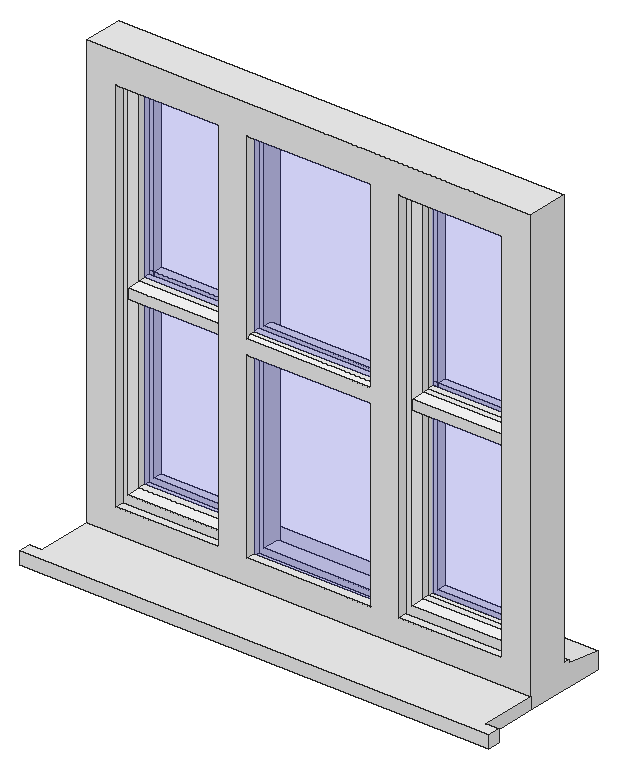
Revit family "49439e9139d64973a94eafacca369442", category Windows, host Wall, Revit 2025
Family settings
  Host = Wall
  Always vertical = Yes
  Cut with Voids When Loaded = No
  Shared = No
  Room Calculation Point = No
Parameters (values of type "910x910mm")
  Wrap Layers (Ext) from Ext = 102.5 mm
  Wrap Layers (Int) from Ext = 177.5 mm
  Window Board Projection = 25.0 mm
  Window Board Extension = 25.0 mm
  Visual Light Transmittance = 0.9
  Vis - Cavity Closers = yes
  Solar Heat Gain Coefficient = 0.78
  Rough Width = Width  # 910.0 mm
  Rough Height = Height  # 910.0 mm
  Operation = "TriplePanelVertical"
  Define Thermal Properties by = Schematic Type
  Construction Type Id = "GSP4R"
  Material Trim = Window Frame
  Material Glass = Glass
  Material Frame = Window Frame
  Manufacturer = "Revit"
  Keynote = "L10"
  Height = 910.0 mm
  Wall Closure = By host
  Width = 910.0 mm
  Heat Transfer Coefficient (U) = 3.6886 W/(m²·K)
  Glazing Thickness = 24.0 mm
  FrameOffset - External = 102.5 mm
  Frame Depth = 65.0 mm
  Ext Leaf Thickness (Scot) = Cavity Closer Offset from Ext  # 102.5 mm
  Ext Leaf Overlap (Scot) = 25.0 mm
  Default Head Height = 2110.0 mm
  Cill Depth = 87.5 mm
  Cavity Closer Width = 50.0 mm
  Cavity Closer Offset from Ext = 102.5 mm
  Cavity Closer Depth = 85.0 mm
  Analytic Construction = "1/8 in Pilkington single glazing"
Types (7, lengths in mm): name | Rough Width | Rough Height | Height | Width
  (no name) | 910.0 | 910.0 | 910.0 | 910.0
  910x910mm | 910.0 | 910.0 | 910.0 | 910.0
  910x1210mm | 910.0 | 1210.0 | 1210.0 | 910.0
  1360x910mm | 1360.0 | 910.0 | 910.0 | 1360.0
  1360x1210mm | 1360.0 | 1210.0 | 1210.0 | 1360.0
  1810x910mm | 1810.0 | 910.0 | 910.0 | 1810.0
  1810x1210mm | 1810.0 | 1210.0 | 1210.0 | 1810.0
Reference planes
  plane 1: y = 0
  plane 2 "Mullion RHS": x = 93.333
  plane 3 "Left": x = -513.333
  plane 4 "Right": x = 396.667
  plane 5 "Cill": z = 1200
  plane 6 "Head": z = 2110
  plane 7 "Exterior": y = 158.457
  plane 8 "Interior": y = -141.543
  plane 9 "Back of Window": y = -9.043
  plane 10 "Wall Closure": y = 55.957
  plane 11 "Front Cill": y = 143.457
  plane 12 "Front Window Board": y = -166.543
  plane 13 "RHS Window Board": x = 421.667
  plane 14 "LHS Window Board": x = -538.333
  plane 15 "LHS Scot Closing": x = -488.333
  plane 16 "RHS Scot Closing": x = 371.667
  plane 17 "Ext Leaf Back": y = 55.957
  plane 18 "Top Scot Closing": z = 2085
  plane 19 "Face Window": y = 55.957
  plane 20: x = 93.333
  plane 21 "LHS Mullion": x = -210
  plane 22 "Center (Left/Right)": x = -58.333
  plane 23: x = -210
  plane 24: z = 1662.5
  plane 25: y = -19.043
  plane 26 "External Void Opening": y = 243.457
  plane 27: z = 1275
  plane 28: z = 2050
  plane 29: y = 43.957
  plane 30: y = 19.957
  plane 31: y = 67.504
  plane 32: x = -443.333
  plane 33: x = -254.852
  plane 34: x = 326.815
  plane 35: x = 138.333
Forms (mm)
  Extrusion 1, solid, material "Window Frame" <- "Material Trim", detail levels medium+fine
    sketch origin (0, 0, 1200) x (0, -1, 0) y (-1, 0, 0)
      loop
        line (141.543, 538.333) -> (141.543, 513.333) -> (27.043, 513.333) -> (27.043, -396.667) -> (141.543, -396.667) -> (141.543, -421.667) -> (166.543, -421.667) -> (166.543, 538.333) -> (141.543, 538.333)
    from 0 to -25
  Extrusion 2, void
    sketch origin (0, 55.957, 0) x (-1, 0, 0) y (0, 0, 1)
      loop
        line (-371.667, 2085) -> (-371.667, 1200) -> (488.333, 1200) -> (488.333, 2085) -> (-371.667, 2085)
    from 0 to 187.5
  Extrusion 3, void
    sketch origin (0, 55.957, 0) x (-1, 0, 0) y (0, 0, 1)
      loop
        line (513.333, 2110) -> (-396.667, 2110) -> (-396.667, 1200) -> (513.333, 1200) -> (513.333, 2110)
    from 0 to -197.5
  Extrusion 4, solid, material "Window Frame" <- "Material Frame"
    sketch origin (93.333, 0, 0) x (0, 1, 0) y (0, 0, 1)
      loop
        line (-27.043, 1200) -> (143.457, 1200) -> (143.457, 1233.809) -> (70.957, 1244.745) -> (70.957, 1249.688) -> (55.957, 1251) -> (55.957, 1263) -> (-9.043, 1263) -> (-9.043, 1275) -> (-27.043, 1275) -> (-27.043, 1200)
    from 303.333 to -606.667
  Sweep 5, solid, material "Window Frame" <- "Material Frame"
    path origin (0, -9.043, 0) x (1, 0, 0) y (0, 0, 1)
      loop
        line (-513.333, 1263) -> (-513.333, 2110) -> (396.667, 2110) -> (396.667, 1263)
    profile origin (0, 0, 1686.5) x (-1, 0, 0) y (0, -1, 0)
      loop
        line (513.333, 27.043) -> (453.333, 27.043) -> (453.333, 9.043) -> (473.333, 9.043) -> (473.333, -55.957) -> (513.333, -55.957) -> (513.333, 27.043)
  Sweep 6, solid, material "Window Frame" <- "Material Frame"
    path origin (0, 55.957, 0) x (1, 0, 0) y (0, 0, 1)
      loop
        line (356.667, 2070) -> (108.333, 2070) -> (108.333, 1263) -> (356.667, 1263) -> (356.667, 2070)
    profile origin (0, 0, 1666.5) x (0, -1, 0) y (1, 0, 0)
      loop
        line (-55.957, 98.333) -> (-55.957, 108.333) -> (9.043, 108.333) -> (9.043, 138.185) -> (-5.449, 148.333) -> (-19.957, 148.333) -> (-19.957, 138.333) -> (-43.957, 138.333) -> (-43.957, 148.333) -> (-61.73, 148.333) -> (-67.504, 138.333) -> (-67.504, 109.118) -> (-61.73, 98.333) -> (-55.957, 98.333)
  Extrusion 7, solid, material "Window Frame" <- "Material Frame"
    sketch origin (0, 0, 1200) x (0, -1, 0) y (-1, 0, 0)
      loop
        line (27.043, -68.333) -> (9.043, -68.333) -> (9.043, -78.333) -> (-14.957, -78.333) -> (-14.957, -68.333) -> (-55.957, -68.333) -> (-55.957, -108.333) -> (9.043, -108.333) -> (9.043, -126.333) -> (27.043, -126.333) -> (27.043, -68.333)
    from -63 to -870
  Extrusion 8, solid, material "Window Frame" <- "Material Frame"
    sketch origin (-1140, 0, 1210) x (0, 1, 0) y (1, 0, 0)
      loop
        line (-27.043, 955) -> (-27.043, 897) -> (-9.043, 897) -> (-9.043, 915) -> (55.957, 915) -> (55.957, 955) -> (14.957, 955) -> (14.957, 945) -> (-9.043, 945) -> (-9.043, 955) -> (-27.043, 955)
    from -53 to -860
  Extrusion 9, solid, material "Window Frame" <- "Material Frame"
    sketch origin (93.333, 0, 0) x (0, 1, 0) y (0, 0, 1)
      loop
        line (67.504, 1659.946) -> (67.504, 1665.054) -> (61.73, 1682.5) -> (43.957, 1682.5) -> (43.957, 1675.5) -> (19.957, 1675.5) -> (19.957, 1682.5) -> (5.449, 1682.5) -> (-9.043, 1672.352) -> (-9.043, 1652.648) -> (5.449, 1642.5) -> (19.957, 1642.5) -> (19.957, 1649.5) -> (43.957, 1649.5) -> (43.957, 1642.5) -> (61.73, 1642.5) -> (67.504, 1659.946)
    from 44.852 to 233.481
  Extrusion 10, solid, material "Window Frame" <- "Material Frame"
    sketch origin (-58.333, -29, 0) x (0, -1, 0) y (0, 0, 1)
      loop
        line (-67.504, 1659.946) -> (-61.73, 1642.5) -> (-43.957, 1642.5) -> (-43.957, 1649.5) -> (-19.957, 1649.5) -> (-19.957, 1642.5) -> (-10.041, 1642.5) -> (-1.957, 1648.161) -> (-1.957, 1676.839) -> (-10.041, 1682.5) -> (-19.957, 1682.5) -> (-19.957, 1675.5) -> (-43.957, 1675.5) -> (-43.957, 1682.5) -> (-61.73, 1682.5) -> (-67.504, 1665.054) -> (-67.504, 1659.946)
    from -136.667 to 136.667
  Extrusion 11, solid, material "Glass" <- "Material Glass"
    sketch origin (-1538.333, 43.957, 853) x (1, 0, 0) y (0, 0, 1)
      loop
        line (1283.333, 1187) -> (1095, 1187) -> (1095, 819.352) -> (1283.333, 819.352) -> (1283.333, 1187)
      loop
        line (1095, 799.648) -> (1095, 440) -> (1283.333, 440) -> (1283.333, 799.648) -> (1095, 799.648)
    from 0 to 24 <- "Glazing Thickness"
  Extrusion 12, solid, material "Glass" <- "Material Glass"
    sketch origin (-243, -9.043, 1263) x (0, 0, 1) y (1, 0, 0)
      loop
        line (0, 48) -> (386.5, 48) -> (386.5, 321.333) -> (0, 321.333) -> (0, 48)
      loop
        line (412.5, 321.333) -> (412.5, 48) -> (807, 48) -> (807, 321.333) -> (412.5, 321.333)
    from 0 to 24 <- "Glazing Thickness"
  Extrusion 13, solid, material "Glass" <- "Material Glass"
    sketch origin (245.148, 66.457, 1677.5) x (-1, 0, 0) y (0, 0, -1)
      loop
        line (106.815, 384.5) -> (-81.667, 384.5) -> (-81.667, 24.852) -> (106.815, 24.852) -> (106.815, 384.5)
      loop
        line (-81.667, 5.148) -> (-81.667, -362.5) -> (106.815, -362.5) -> (106.815, 5.148) -> (-81.667, 5.148)
    from 22.5 to 24 <- "Glazing Thickness"
  Extrusion 14, solid, material "Window Frame" <- "Material Frame"
    sketch origin (-58.333, 0, 0) x (0, -1, 0) y (0, 0, 1)
      loop
        line (-50.957, 1263) -> (-14.957, 1263) -> (-14.957, 1275) -> (-50.957, 1275) -> (-50.957, 1263)
      loop
        line (-50.957, 2070) -> (-50.957, 2050) -> (-14.957, 2050) -> (-14.957, 2070) -> (-50.957, 2070)
    from -136.667 to 136.667
  Sweep 15, solid, material "Window Frame" <- "Material Frame"
    path origin (-1140, 55.957, 0) x (-1, 0, 0) y (0, 0, -1)
      loop
        line (-915, -2070) -> (-666.667, -2070) -> (-666.667, -1263) -> (-915, -1263) -> (-915, -2070)
    profile origin (0, 0, 1666.5) x (0, -1, 0) y (1, 0, 0)
      loop
        line (-55.957, -215) -> (-61.73, -215) -> (-67.504, -225.785) -> (-67.504, -255) -> (-61.73, -265) -> (-43.957, -265) -> (-43.957, -255) -> (-19.957, -255) -> (-19.957, -265) -> (-5.449, -265) -> (9.043, -254.852) -> (9.043, -225) -> (-55.957, -225) -> (-55.957, -215)
  Extrusion 16, solid, material "Window Frame"
    sketch origin (-210, 0, 0) x (0, -1, 0) y (0, 0, 1)
      loop
        line (-67.504, 1665.054) -> (-67.504, 1659.946) -> (-61.73, 1642.5) -> (-43.957, 1642.5) -> (-43.957, 1649.5) -> (-19.957, 1649.5) -> (-19.957, 1642.5) -> (-5.449, 1642.5) -> (9.043, 1652.648) -> (9.043, 1672.352) -> (-5.449, 1682.5) -> (-19.957, 1682.5) -> (-19.957, 1675.5) -> (-43.957, 1675.5) -> (-43.957, 1682.5) -> (-61.73, 1682.5) -> (-67.504, 1665.054)
    from 44.852 to 233.333
Cuts and joins
  Extrusion 2 cuts Extrusion 1
  joined: Extrusion 4, Sweep 5, Extrusion 7, Extrusion 8, Extrusion 10, Extrusion 14
Lines and regions (mm)
  Masking region 1
    outline origin (0, 0, 1200) x (0, -1, 0) y (1, 0, 0)
      loop
        line (-158.457, 371.667) -> (-158.457, -488.333) -> (-55.957, -488.333) -> (-55.957, -513.333) -> (27.043, -513.333) -> (27.043, 396.667) -> (-55.957, 396.667) -> (-55.957, 371.667) -> (-158.457, 371.667)
  Masking region 2, detail levels medium+fine
    outline origin (0, 0, 1200) x (0, -1, 0) y (1, 0, 0)
      loop
        line (27.043, -513.333) -> (141.543, -513.333) -> (141.543, -538.333) -> (166.543, -538.333) -> (166.543, 421.667) -> (141.543, 421.667) -> (141.543, 396.667) -> (27.043, 396.667) -> (27.043, -513.333)
  symbolic lines, style "WindowsFrameMullionProjection"
    curve 1: line (-513.333, -27.043, 0) -> (396.667, -27.043, 0)
    curve 3: line (396.667, 55.957, 0) -> (-513.333, 55.957, 0)
    curve 5: line (-453.333, -27.043, 0) -> (-453.333, 55.957, 0)
    curve 6: line (336.667, -27.043, 0) -> (336.667, 55.957, 0)
    curve 7: line (-453.333, 14.457, 0) -> (-235, 14.457, 0)
    curve 24: line (-235, -27.043, 0) -> (-235, 55.957, 0)
    curve 25: line (-185, -27.043, 0) -> (-185, 55.957, 0)
    curve 26: line (-185, 14.457, 0) -> (68.333, 14.457, 0)
    curve 27: line (68.333, -27.043, 0) -> (68.333, 55.957, 0)
    curve 28: line (118.333, -27.043, 0) -> (118.333, 55.957, 0)
    curve 29: line (118.333, 14.457, 0) -> (336.667, 14.457, 0)
  symbolic lines, style "Elevation Swing"
    curve 2: line (-513.333, 55.957, 0) -> (-513.333, -27.043, 0)
    curve 4: line (396.667, -27.043, 0) -> (396.667, 55.957, 0)
    curve 20: line (148.333, 0, 2030) -> (316.667, 0, 1666.5)
    curve 21: line (148.333, 0, 1303) -> (316.667, 0, 1666.5)
    curve 22: line (-265, 0, 2030) -> (-433.333, 0, 1666.5)
    curve 23: line (-265, 0, 1303) -> (-433.333, 0, 1666.5)
  symbolic lines, style "Cavity Closer", visible <- "Vis - Cavity Closers", detail levels medium+fine
    curve 8: line (-513.333, 55.957, 0) -> (-563.333, 55.957, 0)
    curve 9: line (-513.333, -29.043, 0) -> (-513.333, 55.957, 0)
    curve 10: line (-563.333, -29.043, 0) -> (-513.333, -29.043, 0)
    curve 11: line (-563.333, 55.957, 0) -> (-563.333, -29.043, 0)
    curve 12: line (-513.333, -29.043, 0) -> (-563.333, 55.957, 0)
    curve 13: line (-563.333, -29.043, 0) -> (-513.333, 55.957, 0)
    curve 14: line (396.667, 55.957, 0) -> (446.667, 55.957, 0)
    curve 15: line (396.667, -29.043, 0) -> (396.667, 55.957, 0)
    curve 16: line (446.667, -29.043, 0) -> (396.667, -29.043, 0)
    curve 17: line (446.667, 55.957, 0) -> (446.667, -29.043, 0)
    curve 18: line (396.667, -29.043, 0) -> (446.667, 55.957, 0)
    curve 19: line (446.667, -29.043, 0) -> (396.667, 55.957, 0)
Text (mm)
  text "EXTERIOR" at (-1415.209, 454.062, 0), in view "Ref. Level"
  text "INTERIOR" at (-1415.209, -367.981, 0), in view "Ref. Level"
  text "Exterior" at (0, 923.751, 2943.296), in view "Right"
  text "Exterior" at (0, 1040.484, 2685.409), in view "Left"
Dimensions and locks
  equal spacing: plane 3 "Left", plane 22 "Center (Left/Right)", plane 4 "Right"
  "Width": plane 3 "Left" to plane 4 "Right"
  "Height": plane 5 "Cill" to plane 6 "Head"
  "Default Head Height": plane 6 "Head" to level
  locked: plane 7 "Exterior" to host wall
  locked: plane 8 "Interior" to host wall
  "Window Board Projection": plane 12 "Front Window Board" to plane 8 "Interior"
  "Window Board Extension": plane 14 "LHS Window Board" to plane 3 "Left"
  "Window Board Extension": plane 4 "Right" to plane 13 "RHS Window Board"
  "Ext Leaf Thickness (Scot)": plane 17 "Ext Leaf Back" to plane 7 "Exterior"
  "Ext Leaf Overlap (Scot)": plane 3 "Left" to plane 15 "LHS Scot Closing"
  "Ext Leaf Overlap (Scot)": plane 16 "RHS Scot Closing" to plane 4 "Right"
  "Ext Leaf Overlap (Scot)": plane 18 "Top Scot Closing" to plane 6 "Head"
  "Frame Depth": plane 9 "Back of Window" to plane 19 "Face Window"
  "FrameOffset - External": plane 19 "Face Window" to plane 7 "Exterior"
  locked: Extrusion 4 sketch curve to Extrusion 4 sketch curve at 18
  Extrusion 4 sketch curve to Extrusion 4 sketch curve = 12.0 mm
  plane 19 "Face Window" to Extrusion 4 sketch curve = 15.0 mm
  Sweep 6 sketch curve to Sweep 6 sketch curve = 10.0 mm
  equal spacing: Sweep 5, Sweep 6 sketch curve, Sweep 6 sketch curve
  Sweep 6 sketch curve to Sweep 6 sketch curve = 17.774 mm
  "Glazing Thickness": Sweep 6 sketch curve to Sweep 6 sketch curve
  equal spacing: curve 3, curve 7, curve 1
  "Cavity Closer Depth": curve 8 to curve 10
  "Cavity Closer Width": curve 11 to plane 3 "Left"
  "Cavity Closer Depth": curve 14 to curve 16
  "Cavity Closer Width": plane 4 "Right" to curve 17
  "Cill Depth": plane 19 "Face Window" to plane 11 "Front Cill"
  equal spacing: Extrusion 7 sketch curve, plane 20, Extrusion 7 sketch curve
  locked: Extrusion 7 sketch curve to Extrusion 7 sketch curve at 10
  Extrusion 7 sketch curve to Extrusion 7 sketch curve = 18.0 mm
  "Glazing Thickness": Extrusion 7 sketch curve to Extrusion 7 sketch curve
  locked: Extrusion 7 sketch curve to Extrusion 7 sketch curve at 18
  equal spacing: plane 3 "Left", plane 21 "LHS Mullion", plane 2 "Mullion RHS", plane 4 "Right"
  locked: Extrusion 8 sketch curve to Extrusion 8 sketch curve at 10
  Extrusion 8 sketch curve to Extrusion 8 sketch curve = 18.0 mm
  "Glazing Thickness": Extrusion 8 sketch curve to Extrusion 8 sketch curve
  locked: Extrusion 8 sketch curve to Extrusion 8 sketch curve at 18
  equal spacing: Extrusion 8 sketch curve, plane 23, Extrusion 8 sketch curve
  equal spacing: Sweep 6, curve 21, Sweep 6
  locked: Extrusion 9 sketch curve to Extrusion 9 sketch curve at 7  (x2)
  Extrusion 9 to plane 24 to Extrusion 9 = 20.0 mm locked, 20.0 mm locked
  locked: Extrusion 10 sketch curve to Extrusion 10 sketch curve at 7  (x2)
  Extrusion 10 sketch curve to Extrusion 10 sketch curve to Sweep 6 = 8.085 mm locked, 9.915 mm locked  (x2)
  locked: Extrusion 10 sketch curve to Extrusion 10 sketch curve at 5.774  (x2)
  Extrusion 10 sketch curve to plane 24 to Extrusion 10 sketch curve = 20.0 mm locked, 20.0 mm locked
  locked: Extrusion 14 sketch curve to plane 19 "Face Window" at 5  (x2)
  "Glazing Thickness": Extrusion 10 sketch curve to Extrusion 10 sketch curve  (x2)
  locked: Extrusion 10 sketch curve to Extrusion 10 sketch curve at 23.547
  "Glazing Thickness": plane 9 "Back of Window" to Extrusion 14 sketch curve  (x2)
  "Wrap Layers (Ext) from Ext": plane 10 "Wall Closure" to plane 7 "Exterior"
  "Wrap Layers (Int) from Ext": plane 25 to plane 7 "Exterior"
  locked: plane 5 "Cill" to plane 27 at 75
  locked: plane 28 to plane 18 "Top Scot Closing" at 35
  equal spacing: plane 27, plane 24, plane 28
  locked: plane 3 "Left" to Sweep 5 sketch curve at 40
  locked: Sweep 5 sketch curve to Sweep 5 sketch curve at 20
  locked: Extrusion 7 sketch curve to Extrusion 7 sketch curve at 30
  locked: Extrusion 8 sketch curve to Extrusion 8 sketch curve at 30
  locked: Sweep 15 sketch curve to Sweep 15 sketch curve at 10
  locked: Sweep 15 sketch curve to Sweep 15 sketch curve at 5.774
  locked: Sweep 15 sketch curve to Sweep 15 sketch curve at 17.774
  "Glazing Thickness": Sweep 15 sketch curve to Sweep 15 sketch curve
  locked: Sweep 15 sketch curve to profile plane at 30
  locked: plane 29 to plane 19 "Face Window" at 12
  "Glazing Thickness": plane 30 to plane 29
  locked: plane 31 to plane 19 "Face Window" at 11.547
  Extrusion 9 sketch curve to plane 24 to Extrusion 9 sketch curve = 2.554 mm locked, 2.554 mm locked
  Extrusion 9 sketch curve to Extrusion 9 sketch curve to Extrusion 9 sketch curve = 5.774 mm locked, 17.774 mm locked  (x2)
  "Glazing Thickness": Extrusion 9 sketch curve to Extrusion 9 sketch curve  (x2)
  locked: Extrusion 9 sketch curve to Extrusion 9 sketch curve at 14.507  (x2)
  locked: plane 15 "LHS Scot Closing" to plane 32 at 45
  locked: plane 33 to plane 21 "LHS Mullion" at 44.852
  locked: plane 34 to plane 4 "Right" at 69.852
  locked: plane 2 "Mullion RHS" to plane 35 at 45
  aligned and locked: plane 3 "Left" to Extrusion 1 sketch curve
  aligned and locked: Extrusion 1 sketch curve to plane 8 "Interior"  (x2)
  aligned and locked: Extrusion 1 sketch curve to plane 13 "RHS Window Board"
  aligned and locked: Extrusion 1 to plane 12 "Front Window Board"
  aligned and locked: plane 14 "LHS Window Board" to Extrusion 1 sketch curve
  aligned and locked: plane 16 "RHS Scot Closing" to Extrusion 2 sketch curve
  aligned and locked: Extrusion 2 sketch curve to plane 15 "LHS Scot Closing"
  aligned and locked: Extrusion 2 sketch curve to plane 5 "Cill"
  aligned and locked: Extrusion 3 sketch curve to plane 5 "Cill"
  aligned and locked: plane 6 "Head" to Extrusion 3 sketch curve
  aligned and locked: host wall to Extrusion 3
  aligned and locked: plane 3 "Left" to Extrusion 3
  aligned and locked: Extrusion 3 to plane 4 "Right"
  aligned and locked: Extrusion 2 sketch curve to plane 18 "Top Scot Closing"
  aligned and locked: plane 9 "Back of Window" to Extrusion 4 sketch curve
  aligned and locked: plane 19 "Face Window" to Extrusion 4 sketch curve
  aligned and locked: plane 11 "Front Cill" to Extrusion 4 sketch curve
  aligned and locked: Extrusion 4 sketch curve to plane 5 "Cill"
  aligned and locked: plane 3 "Left" to Extrusion 4
  aligned and locked: Extrusion 4 to plane 4 "Right"
  aligned and locked: plane 19 "Face Window" to Sweep 5 sketch curve
  aligned and locked: Extrusion 1 to Extrusion 4
  aligned and locked: Sweep 6 sketch curve to Sweep 6 sketch curve
  aligned and locked: Sweep 6 sketch curve to plane 9 "Back of Window"
  aligned and locked: Extrusion 2 to plane 17 "Ext Leaf Back"
  aligned and locked: Extrusion 3 to plane 17 "Ext Leaf Back"
  aligned and locked: Sweep 5 to curve 5
  aligned and locked: curve 6 to Sweep 5
  aligned and locked: plane 3 "Left" to nested 1
  aligned and locked: nested 1 to Extrusion 3
  aligned and locked: curve 9 to plane 3 "Left"
  aligned and locked: Extrusion 3 to curve 8
  aligned and locked: plane 4 "Right" to nested 2
  aligned and locked: nested 2 to Extrusion 3
  aligned and locked: curve 15 to plane 4 "Right"
  aligned and locked: Extrusion 3 to curve 14
  aligned and locked: Extrusion 7 sketch curve to Extrusion 7 sketch curve  (x2)
  aligned and locked: plane 19 "Face Window" to Extrusion 7 sketch curve
  aligned and locked: plane 9 "Back of Window" to Extrusion 7 sketch curve
  aligned and locked: Extrusion 7 to Extrusion 4
  aligned and locked: plane 20 to plane 2 "Mullion RHS"
  aligned and locked: Extrusion 7 to Sweep 6 sketch curve
  aligned and locked: Extrusion 8 sketch curve to Extrusion 8 sketch curve  (x2)
  aligned and locked: plane 21 "LHS Mullion" to plane 23
  aligned and locked: Extrusion 8 to Extrusion 4
  aligned and locked: Extrusion 4 to Sweep 6 sketch curve
  aligned and locked: curve 7 to curve 26
  aligned and locked: curve 26 to curve 29
  aligned and locked: curve 1 to Extrusion 4
  aligned and locked: Extrusion 9 sketch curve to Extrusion 9 sketch curve  (x2)
  aligned and locked: Extrusion 10 sketch curve to Extrusion 10 sketch curve  (x3)
  aligned and locked: Extrusion 10 to Extrusion 7
  aligned and locked: cut or joined group of Extrusion 4, Sweep 5, Extrusion 7, Extrusion 8, Extrusion 10, Extrusion 14 to Extrusion 14 sketch curve  (x3)
  aligned and locked: Extrusion 14 sketch curve to cut or joined group of Extrusion 4, Sweep 5, Extrusion 7, Extrusion 8, Extrusion 10, Extrusion 14
  aligned and locked: Extrusion 14 to cut or joined group of Extrusion 4, Sweep 5, Extrusion 7, Extrusion 8, Extrusion 10, Extrusion 14  (x2)
  aligned and locked: plane 9 "Back of Window" to Extrusion 10 sketch curve
  aligned and locked: Extrusion 2 to plane 26 "External Void Opening"
  aligned and locked: Masking region 1 sketch curve to host wall
  aligned and locked: plane 15 "LHS Scot Closing" to Masking region 1 sketch curve
  aligned and locked: plane 3 "Left" to Masking region 1 sketch curve
  aligned and locked: Masking region 1 sketch curve to cut or joined group of Extrusion 4, Sweep 5, Extrusion 7, Extrusion 8, Extrusion 10, Extrusion 14  (x2)
  aligned and locked: plane 16 "RHS Scot Closing" to Masking region 1 sketch curve
  aligned and locked: plane 4 "Right" to Masking region 1 sketch curve
  aligned and locked: cut or joined group of Extrusion 4, Sweep 5, Extrusion 7, Extrusion 8, Extrusion 10, Extrusion 14 to cut or joined group of Extrusion 4, Sweep 5, Extrusion 7, Extrusion 8, Extrusion 10, Extrusion 14  (x3)
  aligned and locked: Sweep 15 sketch curve to Sweep 15 sketch curve
  aligned and locked: Sweep 15 sketch curve to cut or joined group of Extrusion 4, Sweep 5, Extrusion 7, Extrusion 8, Extrusion 10, Extrusion 14  (x3)
  aligned and locked: cut or joined group of Extrusion 4, Sweep 5, Extrusion 7, Extrusion 8, Extrusion 10, Extrusion 14 to Sweep 15 sketch curve
  aligned and locked: Extrusion 12 sketch curve to cut or joined group of Extrusion 4, Sweep 5, Extrusion 7, Extrusion 8, Extrusion 10, Extrusion 14  (x4)
  aligned and locked: plane 9 "Back of Window" to Extrusion 9 sketch curve
  aligned and locked: Sweep 5 sketch curve to plane 6 "Head"
  aligned and locked: Sweep 5 sketch curve to plane 4 "Right"
  aligned and locked: plane 3 "Left" to Sweep 5 sketch curve
  aligned and locked: Extrusion 13 sketch curve to Sweep 6
  aligned and locked: Sweep 6 to Extrusion 13 sketch curve
  aligned and locked: cut or joined group of Extrusion 4, Sweep 5, Extrusion 7, Extrusion 8, Extrusion 10, Extrusion 14 to Sweep 6 sketch curve
  aligned and locked: Sweep 6 sketch curve to cut or joined group of Extrusion 4, Sweep 5, Extrusion 7, Extrusion 8, Extrusion 10, Extrusion 14
  aligned and locked: Extrusion 11 sketch curve to Sweep 15  (x3)
  aligned and locked: Extrusion 11 to plane 29
  aligned and locked: Sweep 15 to plane 30
  aligned and locked: Extrusion 9 sketch curve to plane 31
  aligned and locked: Extrusion 16 sketch curve to Extrusion 9  (x16)
  aligned and locked: plane 32 to Extrusion 16
  aligned and locked: Extrusion 16 to plane 33
  aligned and locked: Extrusion 12 to cut or joined group of Extrusion 4, Sweep 5, Extrusion 7, Extrusion 8, Extrusion 10, Extrusion 14
  aligned and locked: plane 9 "Back of Window" to Extrusion 12
  aligned and locked: Extrusion 8 sketch curve to plane 19 "Face Window"
  aligned and locked: Extrusion 13 to plane 34
  aligned and locked: plane 35 to Extrusion 13  (x2)
  aligned and locked: Extrusion 9 to plane 34
  aligned and locked: plane 30 to Extrusion 11
  aligned and locked: Extrusion 13 to plane 29
  aligned and locked: Masking region 2 sketch curve to plane 3 "Left"
  aligned and locked: plane 4 "Right" to Masking region 2 sketch curve
  aligned and locked: Masking region 2 sketch curve to cut or joined group of Extrusion 4, Sweep 5, Extrusion 7, Extrusion 8, Extrusion 10, Extrusion 14
  aligned and locked: Masking region 2 sketch curve to plane 14 "LHS Window Board"
  aligned and locked: plane 13 "RHS Window Board" to Masking region 2 sketch curve
  aligned and locked: Masking region 2 sketch curve to plane 12 "Front Window Board"
  aligned and locked: plane 8 "Interior" to Masking region 2 sketch curve  (x2)
Automatic sketch dimensions
  plane 21 "LHS Mullion" to curve 24 = 25.0 mm
  curve 25 to plane 21 "LHS Mullion" = 25.0 mm
  curve 26 to plane 2 "Mullion RHS" = 25.0 mm
  plane 2 "Mullion RHS" to curve 28 = 25.0 mm
  plane 28 to curve 20 = 20.0 mm
  plane 28 to curve 22 = 20.0 mm
  curve 23 to plane 24 = 4.0 mm
  plane 27 to curve 23 = 28.0 mm
  plane 27 to curve 21 = 28.0 mm
  curve 23 to plane 15 "LHS Scot Closing" = 55.0 mm
  plane 21 "LHS Mullion" to curve 23 = 55.0 mm
  plane 21 "LHS Mullion" to curve 22 = 55.0 mm
  plane 2 "Mullion RHS" to curve 21 = 55.0 mm
  plane 2 "Mullion RHS" to curve 20 = 55.0 mm
  plane 16 "RHS Scot Closing" to curve 21 = 55.0 mm
  Extrusion 1 sketch curve to plane 4 "Right" = 0.0 mm
  Extrusion 1 sketch curve to plane 12 "Front Window Board" = 0.0 mm
  plane 25 to Extrusion 1 sketch curve = 8.0 mm
  Extrusion 3 sketch curve to plane 4 "Right" = 0.0 mm
  Extrusion 3 sketch curve to plane 3 "Left" = 0.0 mm
  Extrusion 4 sketch curve to plane 27 = 0.0 mm
  Extrusion 4 sketch curve to plane 5 "Cill" = 33.809 mm
  Extrusion 4 sketch curve to plane 27 = 30.255 mm
  Extrusion 4 sketch curve to Extrusion 4 sketch curve = 4.943 mm
  Extrusion 4 sketch curve to Extrusion 4 sketch curve = 1.312 mm
  Sweep 5 sketch curve to plane 27 = 12.0 mm  (x2)
  Sweep 5 sketch curve to profile plane = 0.0 mm
  Sweep 5 sketch curve to plane 9 "Back of Window" = 0.0 mm
  plane 9 "Back of Window" to Sweep 5 sketch curve = 18.0 mm
  Sweep 6 sketch curve to plane 19 "Face Window" = 0.0 mm
  Sweep 6 sketch curve to profile plane = 0.0 mm
  Sweep 6 sketch curve to plane 19 "Face Window" = 5.774 mm
  Sweep 6 sketch curve to Sweep 6 sketch curve = 5.774 mm
  Sweep 6 sketch curve to Sweep 6 sketch curve = 14.507 mm
  profile plane to Sweep 6 sketch curve = 10.0 mm
  Sweep 6 sketch curve to profile plane = 0.785 mm
  Sweep 6 sketch curve to Sweep 6 sketch curve = 29.852 mm
  Sweep 6 sketch curve to Sweep 6 sketch curve = 29.215 mm
  Sweep 6 sketch curve to Sweep 6 sketch curve = 0.148 mm
  Extrusion 8 sketch curve to plane 9 "Back of Window" = 0.0 mm
  plane 24 to Extrusion 9 sketch curve = 20.0 mm
  plane 24 to Extrusion 9 sketch curve = 9.852 mm
  Extrusion 9 sketch curve to plane 24 = 9.852 mm
  Extrusion 9 sketch curve to plane 24 = 13.0 mm
  Extrusion 10 sketch curve to Extrusion 10 sketch curve = 5.661 mm  (x2)
  plane 24 to Extrusion 10 sketch curve = 2.554 mm
  Extrusion 10 sketch curve to plane 24 = 2.554 mm
  plane 24 to Extrusion 11 sketch curve = 9.852 mm
  plane 21 "LHS Mullion" to Extrusion 11 sketch curve = 45.0 mm  (x2)
  plane 27 to Extrusion 11 sketch curve = 18.0 mm
  Extrusion 11 sketch curve to plane 24 = 9.852 mm
  Extrusion 12 sketch curve to Extrusion 8 = 0.0 mm  (x2)
  Extrusion 12 sketch curve to Extrusion 8 = 30.0 mm
  Extrusion 12 sketch curve to Extrusion 12 sketch curve = 0.0 mm
  Extrusion 13 sketch curve to Extrusion 9 = 0.0 mm  (x2)
  Extrusion 9 to Extrusion 13 sketch curve = 0.148 mm  (x2)
  Extrusion 9 to Extrusion 13 sketch curve = 3.148 mm
  Extrusion 13 sketch curve to Extrusion 13 sketch curve = 19.704 mm
  Masking region 1 sketch curve to plane 10 "Wall Closure" = 0.0 mm
  Sweep 15 sketch curve to plane 19 "Face Window" = 0.0 mm
  Sweep 15 sketch curve to profile plane = 0.0 mm
  Sweep 15 sketch curve to plane 19 "Face Window" = 5.774 mm
  Sweep 15 sketch curve to Sweep 15 sketch curve = 5.774 mm
  profile plane to Sweep 15 sketch curve = 0.785 mm
  Sweep 15 sketch curve to Sweep 15 sketch curve = 14.507 mm
  profile plane to Sweep 15 sketch curve = 29.852 mm
  Sweep 15 sketch curve to Sweep 15 sketch curve = 14.493 mm
  Sweep 15 sketch curve to Sweep 15 sketch curve = 10.0 mm
  Sweep 15 sketch curve to profile plane = 10.0 mm
Nested families
  nested 1: "Cavity Closer" at (-563.333, 55.957, 0), visible <- "Vis - Cavity Closers", type "Cavity Closer", detail levels medium+fine
  nested 2: "Cavity Closer" at (446.667, 55.957, 0) x (-1, 0, 0) z (0, 0, 1), visible <- "Vis - Cavity Closers", type "Cavity Closer", detail levels medium+fine
Definition of nested family "Cavity Closer"
  Parameters
    Closer Width = 50.0 mm
    Closer Depth = 75.0 mm
  Reference planes
    plane 1 "Center (Front/Back)": y = 0
    plane 2: z = 0
    plane 3 "Center (Left/Right)": x = 0
    plane 4: x = 50, in view "Ref. Level"
    plane 5: y = -75, in view "Ref. Level"
  Lines and regions (mm)
    Masking region 1, in view "Ref. Level"
      outline origin (0, 0, 0) x (1, 0, 0) y (0, 1, 0)
        loop
          line (0, 0) -> (0, -75) -> (50, -75) -> (50, 0) -> (0, 0)
  Dimensions and locks
    "Closer Width": plane 3 "Center (Left/Right)" to plane 4
    "Closer Depth": plane 5 to plane 1 "Center (Front/Back)"
  Automatic sketch dimensions
    Masking region 1 sketch curve to plane 3 "Center (Left/Right)" = 0.0 mm
    Masking region 1 sketch curve to plane 4 = 0.0 mm
    Masking region 1 sketch curve to plane 5 = 0.0 mm
    Masking region 1 sketch curve to plane 1 "Center (Front/Back)" = 0.0 mm
